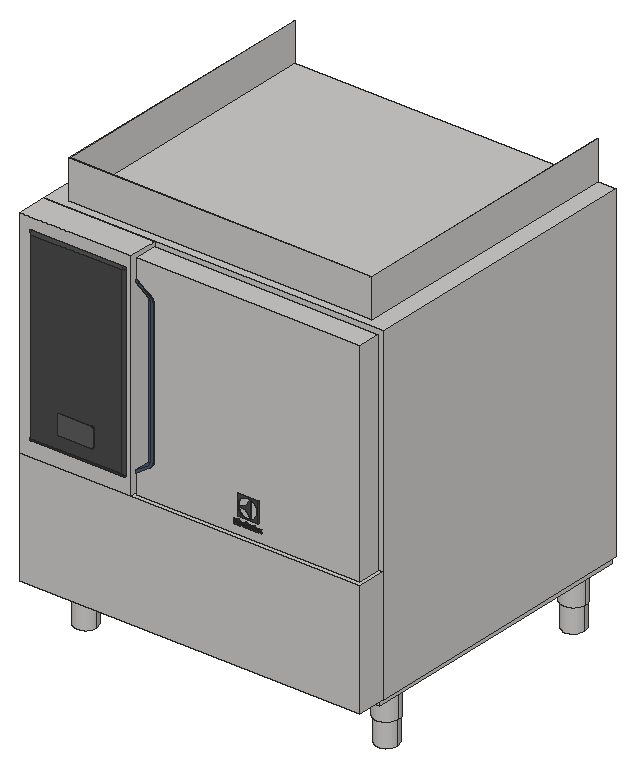
Revit family "QF_ELECTROLUXPROFESSIONAL_725538_EBFA61WE", category Specialty Equipment, Revit 2023
Family settings
  Round Connector Dimension = Use Diameter
  Part Type = Normal
  Work Plane-Based = No
  Enable Cutting in Views = No
  Always vertical = Yes
  Cut with Voids When Loaded = No
  Maintain Annotation Orientation = No
  Shared = No
  Room Calculation Point = No
Parameters
  Weight = 0.00 kg
  Watts = 0 W
  Volts = 380 V
  URL Manufacturer = "http://professional.electrolux.com"
  URL = "http://professional.electrolux.com"
  Steam Supply Size = 0 mm
  Steam Supply Minimum Pressure = 0.0 Pa
  Steam Supply Maximum Pressure = 0.0 Pa
  Steam Pounds per Hour = 0
  Show Logo [instance] = yes
  Show Clearance [instance] = yes
  Refrigeration Suction Line Size = 0 mm
  Refrigeration Liquid Line Size = 0 mm
  Refrigerant Compressor Remote = yes
  Manufacturer = "Electrolux"
  Phase = 3
  Model = "EBFA61WE"
  Length Actual = 897 mm  # constant formula
  Item Number = "725538"
  Hot Water Size = 0 mm
  Height Actual = 1020 mm  # constant formula
  HP = "3.6 HP"
  Gas Size = 0 mm
  Gas KW = 0
  Gas Input Pressure = 0 W
  Direct Waste Size = 139.7 mm
  Description = "SKYLINE CHILLS BLAST CHILLER FREEZER 30/30KG 6 GN 1/1 - FOR TOWER EXECUTION"
  Depth Actual = 937 mm  # constant formula
  Default Elevation = 0 mm
  Cycle = 50 Hz
  Condensate Return Size = 0 mm
  Compressed Air Volume = 0.0 L/s
  Compressed Air Size = 0 mm
  Compressed Air Pressure = 0.0 Pa
  Cold Water Size = 0 mm
  Accessory = yes
Reference planes
  plane 1 "Center X": y = 126.851
  plane 2: z = 0
  plane 3 "Center Y": x = -311.5
  plane 4 "LEFT": x = -760
  plane 5 "BACK": y = 548.851
  plane 6 "RIGHT": x = 137
  plane 7 "FRONT": y = -295.149
  plane 8: z = 130
  plane 9: x = -708
  plane 10: y = 473.851
  plane 11: x = 85
  plane 12: y = -142.149
  plane 13 "TOP": z = 1020.038
  plane 14: y = 641.851
  plane 15: y = -847.149
Forms (mm)
  Extrusion 1, solid, material "QF_Finishes_Stainless Steel"
    sketch origin (0, 0, 1060.038) x (-1, 0, 0) y (0, -1, 0)
      loop
        line (759, -548.851) -> (759, 216.149) -> (-136, 216.149) -> (-136, -548.851) -> (759, -548.851)
    from -40 to -910.018
  Extrusion 2, solid, material "QF_Finishes_Stainless Steel"
    sketch origin (0, -295.149, 0) x (-1, 0, 0) y (0, 0, 1)
      loop
        line (451.2, 1020.033) -> (-135.995, 1020.033) -> (-135.995, 462.497) -> (451.2, 462.497) -> (451.2, 513.683) -> (415.41, 537.406)
        arc (415.41, 537.406) -> (408.839, 544.616) -> (406.46, 554.076) r 20
        line (406.46, 554.076) -> (406.46, 928.989)
        arc (406.46, 928.989) -> (408.716, 937.969) -> (414.947, 944.816) r 19
        line (414.947, 944.816) -> (451.2, 968.898) -> (451.2, 1020.033)
    from 0 to 60
  Extrusion 3, void
    sketch origin (-759, -216.149, 1060.038) x (-1, 0, 0) y (0, 0, 1)
      loop
        line (-370.8, -100) -> (-826.8, -100) -> (-826.8, -491.98) -> (-370.8, -491.98) -> (-370.8, -100)
    from 0 to 703
  Extrusion 4, solid, material "QF_Finishes_Stainless Steel"
    sketch origin (-760, -0.954, 0) x (0, 1, 0) y (0, 0, 1)
      loop
        line (549.805, 694.306) -> (549.805, 392.314) -> (635.5, 399.789)
        arc (635.5, 399.789) -> (640.702, 402.354) -> (642.805, 407.759) r 8
        line (642.805, 407.759) -> (642.805, 433.233)
        arc (642.805, 433.233) -> (638.783, 442.547) -> (642.805, 451.86) r 12.795
        line (642.805, 451.86) -> (642.805, 483.24)
        arc (642.805, 483.24) -> (638.783, 492.554) -> (642.805, 501.867) r 12.795
        line (642.805, 501.867) -> (642.805, 533.247)
        arc (642.805, 533.247) -> (638.783, 542.56) -> (642.805, 551.874) r 12.795
        line (642.805, 551.874) -> (642.805, 583.254)
        arc (642.805, 583.254) -> (638.783, 592.567) -> (642.805, 601.881) r 12.795
        line (642.805, 601.881) -> (642.805, 634.796)
        arc (642.805, 634.796) -> (641.466, 639.795) -> (637.808, 643.455) r 10
        line (637.808, 643.455) -> (549.805, 694.306)
    from 123.244 to 306.92
  Extrusion 5, solid, material "QF_Finishes_Stainless Steel"
    sketch origin (-817.599, 548.851, 1060.038) x (1, 0, 0) y (0, 0, -1)
      loop
        circle (121.599, 802.038) r 10.5
    from 0 to 29
  Extrusion 6, solid, material "QF_Finishes_Stainless Steel"
    sketch origin (0, -235.149, 0) x (-1, 0, 0) y (0, 0, 1)
      loop
        arc (406.46, 554.076) -> (408.839, 544.616) -> (415.41, 537.406) r 20
        line (415.41, 537.406) -> (451.2, 513.683) -> (451.2, 968.898) -> (414.947, 944.816)
        arc (414.947, 944.816) -> (408.716, 937.969) -> (406.46, 928.989) r 19
        line (406.46, 928.989) -> (406.46, 554.076)
    from -21 to 0
  Extrusion 7, solid, material "QF_Finishes_Electrolux_Blue"
    sketch origin (0, -295.149, 0) x (1, 0, 0) y (0, 0, 1)
      loop
        line (-451.2, 968.898) -> (-453.7, 968.898) -> (-453.7, 962.755) -> (-418.543, 939.401)
        arc (-418.543, 939.401) -> (-414.444, 934.897) -> (-412.96, 928.989) r 12.5
        line (-412.96, 928.989) -> (-412.96, 554.076)
        arc (-412.96, 554.076) -> (-414.566, 547.691) -> (-419.001, 542.824) r 13.5
        line (-419.001, 542.824) -> (-453.7, 519.824) -> (-453.7, 513.683) -> (-451.2, 513.683) -> (-415.41, 537.406)
        arc (-415.41, 537.406) -> (-408.839, 544.616) -> (-406.46, 554.076) r 20
        line (-406.46, 554.076) -> (-406.46, 928.989)
        arc (-406.46, 928.989) -> (-408.716, 937.969) -> (-414.947, 944.816) r 19
        line (-414.947, 944.816) -> (-451.2, 968.898)
    from -39 to 1
  Extrusion 8, solid, material "QF_Finishes_Stainless Steel"
    sketch origin (0, 0, 1060.038) x (-1, 0, 0) y (0, -1, 0)
      loop
        line (759, 295.149) -> (467.2, 295.149) -> (467.2, 217.149) -> (759, 217.149) -> (759, 295.149)
    from -40 to -607
  Extrusion 9, solid, material "QF_Finishes_Stainless Steel"
    sketch origin (-1206.916, -1524, 130) x (-1, 0, 0) y (0, -1, 0)
      loop
        line (-447.916, -1228.851) -> (-1342.916, -1228.851) -> (-1342.916, -1306.851) -> (-447.916, -1306.851) -> (-447.916, -1228.851)
    from 322 to 20.02
  Extrusion 10, solid, material "QF_Finishes_Stainless Steel"
    sketch origin (0, 0, 1060.038) x (-1, 0, 0) y (0, -1, 0)
      loop
        line (748.993, -548.851) -> (748.993, 214.216) -> (-125.993, 214.216) -> (-125.993, -548.851) -> (748.993, -548.851)
    from -910.018 to -930.038
  Extrusion 11, solid, material "QF_Finishes_Stainless Steel"
    sketch origin (0, 0, 130) x (0, -1, 0) y (-1, 0, 0)
      loop
        circle (-215.851, 360) r 9.5
    from 0 to 31.68
  Extrusion 12, void
    sketch origin (0, 0, 1060.038) x (-1, 0, 0) y (0, -1, 0)
      loop
        line (627.033, -641.851) -> (636.756, -641.851) -> (636.756, -548.851) -> (635.125, -548.851) -> (627.033, -641.851)
      loop
        line (454.711, -548.851) -> (453.08, -548.851) -> (453.08, -641.851) -> (462.803, -641.851) -> (454.711, -548.851)
    from -673 to -363
  Extrusion 13, solid, material "QF_Door-Drawer Clearances", visible <- "Show Clearance", detail levels coarse
    sketch origin (143, -393.449, 0) x (0, -1, 0) y (0, 0, 1)
      loop
        line (451.2, 1020.033) -> (-98.3, 1020.033) -> (-98.3, 462.497) -> (451.2, 462.497) -> (451.2, 513.683) -> (415.41, 537.406)
        arc (415.41, 537.406) -> (408.839, 544.616) -> (406.46, 554.076) r 20
        line (406.46, 554.076) -> (406.46, 928.989)
        arc (406.46, 928.989) -> (408.716, 937.969) -> (414.947, 944.816) r 19
        line (414.947, 944.816) -> (451.2, 968.898) -> (451.2, 1020.033)
    from 0 to 60
  Extrusion 14, solid, material "QF_Door-Drawer Clearances", visible <- "Show Clearance", detail levels coarse
    sketch origin (83, -393.449, 0) x (0, -1, 0) y (0, 0, 1)
      loop
        arc (406.46, 554.076) -> (408.839, 544.616) -> (415.41, 537.406) r 20
        line (415.41, 537.406) -> (451.2, 513.683) -> (451.2, 968.898) -> (414.947, 944.816)
        arc (414.947, 944.816) -> (408.716, 937.969) -> (406.46, 928.989) r 19
        line (406.46, 928.989) -> (406.46, 554.076)
    from -21 to 0
  Extrusion 15, solid, material "QF_Door-Drawer Clearances", visible <- "Show Clearance", detail levels coarse
    sketch origin (143, -393.449, 0) x (0, 1, 0) y (0, 0, 1)
      loop
        line (-451.2, 968.898) -> (-453.7, 968.898) -> (-453.7, 962.755) -> (-418.543, 939.401)
        arc (-418.543, 939.401) -> (-414.444, 934.897) -> (-412.96, 928.989) r 12.5
        line (-412.96, 928.989) -> (-412.96, 554.076)
        arc (-412.96, 554.076) -> (-414.566, 547.691) -> (-419.001, 542.824) r 13.5
        line (-419.001, 542.824) -> (-453.7, 519.824) -> (-453.7, 513.683) -> (-451.2, 513.683) -> (-415.41, 537.406)
        arc (-415.41, 537.406) -> (-408.839, 544.616) -> (-406.46, 554.076) r 20
        line (-406.46, 554.076) -> (-406.46, 928.989)
        arc (-406.46, 928.989) -> (-408.716, 937.969) -> (-414.947, 944.816) r 19
        line (-414.947, 944.816) -> (-451.2, 968.898)
    from -39 to 1
  Extrusion 16, solid, material "QF_Door-Drawer Clearances", visible <- "Show Clearance", detail levels coarse
    sketch origin (0, 0, 1060.038) x (-1, 0, 0) y (0, -1, 0)
      loop
        line (-83, 295.149) -> (451.2, 295.149)
        arc (451.2, 295.149) -> (290.883, 673.709) -> (-83, 844.649) r 567.425
        line (-83, 844.649) -> (-83, 295.149)
    from -597.541 to -40
  Extrusion 17, solid, material "QF_Finishes_Stainless Steel"
    sketch origin (-19, -1, 0) x (1, 0, 0) y (0, 1, 0)
      loop
        line (-690, -190.149) -> (-690, 549.851) -> (-692, 549.851) -> (-692, -192.149) -> (107, -192.149) -> (107, 549.851) -> (105, 549.851) -> (105, -190.149) -> (-690, -190.149)
    from 1020.038 to 1120.038
Cuts and joins
  Extrusion 3 cuts Extrusion 1
  Extrusion 12 cuts Extrusion 4
  joined: Extrusion 1, Extrusion 4, Extrusion 5, Extrusion 10, Extrusion 11
  joined: Extrusion 2, Extrusion 6
  joined: Extrusion 13, Extrusion 14, Extrusion 15, Extrusion 16
Lines and regions (mm)
  Split face 1
    outline origin (-489, -295.149, 130) x (-1, 0, 0) y (0, 0, -1)
      loop
        line (-132.388, -290.639) -> (-22.373, -290.639) -> (-22.373, -285.612) -> (-132.388, -285.612) -> (-132.388, -290.639)
  Split face 2
    outline origin (-489, -295.149, 120.528) x (-1, 0, 0) y (0, 0, -1)
      loop
        line (-132.388, -290.639) -> (-22.373, -290.639) -> (-22.373, -285.612) -> (-132.388, -285.612) -> (-132.388, -290.639)
  Split face 3
    outline origin (-489, -295.149, 111.056) x (-1, 0, 0) y (0, 0, -1)
      loop
        line (-132.388, -290.639) -> (-22.373, -290.639) -> (-22.373, -285.612) -> (-132.388, -285.612) -> (-132.388, -290.639)
  Split face 4
    outline origin (-489, -295.149, 101.583) x (-1, 0, 0) y (0, 0, -1)
      loop
        line (-132.388, -290.639) -> (-22.373, -290.639) -> (-22.373, -285.612) -> (-132.388, -285.612) -> (-132.388, -290.639)
  Split face 5
    outline origin (-489, -295.149, 92.111) x (-1, 0, 0) y (0, 0, -1)
      loop
        line (-132.388, -290.639) -> (-22.373, -290.639) -> (-22.373, -285.612) -> (-132.388, -285.612) -> (-132.388, -290.639)
  Split face 6
    outline origin (-489, -295.149, 82.639) x (-1, 0, 0) y (0, 0, -1)
      loop
        line (-132.388, -290.639) -> (-22.373, -290.639) -> (-22.373, -285.612) -> (-132.388, -285.612) -> (-132.388, -290.639)
  Split face 7
    outline origin (-489, -295.149, 73.167) x (-1, 0, 0) y (0, 0, -1)
      loop
        line (-132.388, -290.639) -> (-22.373, -290.639) -> (-22.373, -285.612) -> (-132.388, -285.612) -> (-132.388, -290.639)
  Split face 8
    outline origin (-489, -295.149, 63.695) x (-1, 0, 0) y (0, 0, -1)
      loop
        line (-132.388, -290.639) -> (-22.373, -290.639) -> (-22.373, -285.612) -> (-132.388, -285.612) -> (-132.388, -290.639)
  Split face 9
    outline origin (-489, -295.149, 54.223) x (-1, 0, 0) y (0, 0, -1)
      loop
        line (-132.388, -290.639) -> (-22.373, -290.639) -> (-22.373, -285.612) -> (-132.388, -285.612) -> (-132.388, -290.639)
  Split face 10
    outline origin (-489, -295.149, 44.75) x (-1, 0, 0) y (0, 0, -1)
      loop
        line (-132.388, -290.639) -> (-22.373, -290.639) -> (-22.373, -285.612) -> (-132.388, -285.612) -> (-132.388, -290.639)
  Split face 11
    outline origin (-489, -295.149, 35.278) x (-1, 0, 0) y (0, 0, -1)
      loop
        line (-132.388, -290.639) -> (-22.373, -290.639) -> (-22.373, -285.612) -> (-132.388, -285.612) -> (-132.388, -290.639)
  Split face 12
    outline origin (-489, -295.149, 25.806) x (-1, 0, 0) y (0, 0, -1)
      loop
        line (-132.388, -290.639) -> (-22.373, -290.639) -> (-22.373, -285.612) -> (-132.388, -285.612) -> (-132.388, -290.639)
  Split face 13
    outline origin (-489, -295.149, 16.334) x (-1, 0, 0) y (0, 0, -1)
      loop
        line (-132.388, -290.639) -> (-22.373, -290.639) -> (-22.373, -285.612) -> (-132.388, -285.612) -> (-132.388, -290.639)
  Split face 14
    outline origin (-489, -295.149, 6.862) x (-1, 0, 0) y (0, 0, -1)
      loop
        line (-132.388, -290.639) -> (-22.373, -290.639) -> (-22.373, -285.612) -> (-132.388, -285.612) -> (-132.388, -290.639)
  Split face 15
    outline origin (-489, -295.149, -2.611) x (-1, 0, 0) y (0, 0, -1)
      loop
        line (-132.388, -290.639) -> (-22.373, -290.639) -> (-22.373, -285.612) -> (-132.388, -285.612) -> (-132.388, -290.639)
  Split face 16
    outline origin (-489, -295.149, -12.083) x (-1, 0, 0) y (0, 0, -1)
      loop
        line (-132.388, -290.639) -> (-22.373, -290.639) -> (-22.373, -285.612) -> (-132.388, -285.612) -> (-132.388, -290.639)
  Split face 17
    outline origin (-489, -295.149, -21.555) x (-1, 0, 0) y (0, 0, -1)
      loop
        line (-132.388, -290.639) -> (-22.373, -290.639) -> (-22.373, -285.612) -> (-132.388, -285.612) -> (-132.388, -290.639)
  Split face 18
    outline origin (-489, -295.149, -31.027) x (-1, 0, 0) y (0, 0, -1)
      loop
        line (-132.388, -290.639) -> (-22.373, -290.639) -> (-22.373, -285.612) -> (-132.388, -285.612) -> (-132.388, -290.639)
  Split face 19
    outline origin (-489, -295.149, -40.499) x (-1, 0, 0) y (0, 0, -1)
      loop
        line (-132.388, -290.639) -> (-22.373, -290.639) -> (-22.373, -285.612) -> (-132.388, -285.612) -> (-132.388, -290.639)
  Split face 20
    outline origin (-489, -295.149, -49.972) x (-1, 0, 0) y (0, 0, -1)
      loop
        line (-132.388, -290.639) -> (-22.373, -290.639) -> (-22.373, -285.612) -> (-132.388, -285.612) -> (-132.388, -290.639)
  Split face 21
    outline origin (-489, -295.149, -59.444) x (-1, 0, 0) y (0, 0, -1)
      loop
        line (-132.388, -290.639) -> (-22.373, -290.639) -> (-22.373, -285.612) -> (-132.388, -285.612) -> (-132.388, -290.639)
  Split face 22
    outline origin (-489, -295.149, -68.916) x (-1, 0, 0) y (0, 0, -1)
      loop
        line (-132.388, -290.639) -> (-22.373, -290.639) -> (-22.373, -285.612) -> (-132.388, -285.612) -> (-132.388, -290.639)
  Split face 23
    outline origin (-489, -295.149, -78.388) x (-1, 0, 0) y (0, 0, -1)
      loop
        line (-132.388, -290.639) -> (-22.373, -290.639) -> (-22.373, -285.612) -> (-132.388, -285.612) -> (-132.388, -290.639)
  Split face 24
    outline origin (-489, -295.149, -87.86) x (-1, 0, 0) y (0, 0, -1)
      loop
        line (-132.388, -290.639) -> (-22.373, -290.639) -> (-22.373, -285.612) -> (-132.388, -285.612) -> (-132.388, -290.639)
  Split face 25
    outline origin (-489, -295.149, -97.332) x (-1, 0, 0) y (0, 0, -1)
      loop
        line (-132.388, -290.639) -> (-22.373, -290.639) -> (-22.373, -285.612) -> (-132.388, -285.612) -> (-132.388, -290.639)
  Split face 26
    outline origin (-489, -295.149, -106.805) x (-1, 0, 0) y (0, 0, -1)
      loop
        line (-132.388, -290.639) -> (-22.373, -290.639) -> (-22.373, -285.612) -> (-132.388, -285.612) -> (-132.388, -290.639)
  Split face 27
    outline origin (-373.984, -295.149, 130) x (-1, 0, 0) y (0, 0, -1)
      loop
        line (-132.388, -290.639) -> (-22.373, -290.639) -> (-22.373, -285.612) -> (-132.388, -285.612) -> (-132.388, -290.639)
  Split face 28
    outline origin (-373.984, -295.149, 120.528) x (-1, 0, 0) y (0, 0, -1)
      loop
        line (-132.388, -290.639) -> (-22.373, -290.639) -> (-22.373, -285.612) -> (-132.388, -285.612) -> (-132.388, -290.639)
  Split face 29
    outline origin (-373.984, -295.149, 111.056) x (-1, 0, 0) y (0, 0, -1)
      loop
        line (-132.388, -290.639) -> (-22.373, -290.639) -> (-22.373, -285.612) -> (-132.388, -285.612) -> (-132.388, -290.639)
  Split face 30
    outline origin (-373.984, -295.149, 101.583) x (-1, 0, 0) y (0, 0, -1)
      loop
        line (-132.388, -290.639) -> (-22.373, -290.639) -> (-22.373, -285.612) -> (-132.388, -285.612) -> (-132.388, -290.639)
  Split face 31
    outline origin (-373.984, -295.149, 92.111) x (-1, 0, 0) y (0, 0, -1)
      loop
        line (-132.388, -290.639) -> (-22.373, -290.639) -> (-22.373, -285.612) -> (-132.388, -285.612) -> (-132.388, -290.639)
  Split face 32
    outline origin (-373.984, -295.149, 82.639) x (-1, 0, 0) y (0, 0, -1)
      loop
        line (-132.388, -290.639) -> (-22.373, -290.639) -> (-22.373, -285.612) -> (-132.388, -285.612) -> (-132.388, -290.639)
  Split face 33
    outline origin (-373.984, -295.149, 73.167) x (-1, 0, 0) y (0, 0, -1)
      loop
        line (-132.388, -290.639) -> (-22.373, -290.639) -> (-22.373, -285.612) -> (-132.388, -285.612) -> (-132.388, -290.639)
  Split face 34
    outline origin (-373.984, -295.149, 63.695) x (-1, 0, 0) y (0, 0, -1)
      loop
        line (-132.388, -290.639) -> (-22.373, -290.639) -> (-22.373, -285.612) -> (-132.388, -285.612) -> (-132.388, -290.639)
  Split face 35
    outline origin (-373.984, -295.149, 54.223) x (-1, 0, 0) y (0, 0, -1)
      loop
        line (-132.388, -290.639) -> (-22.373, -290.639) -> (-22.373, -285.612) -> (-132.388, -285.612) -> (-132.388, -290.639)
  Split face 36
    outline origin (-373.984, -295.149, 44.75) x (-1, 0, 0) y (0, 0, -1)
      loop
        line (-132.388, -290.639) -> (-22.373, -290.639) -> (-22.373, -285.612) -> (-132.388, -285.612) -> (-132.388, -290.639)
  Split face 37
    outline origin (-373.984, -295.149, 35.278) x (-1, 0, 0) y (0, 0, -1)
      loop
        line (-132.388, -290.639) -> (-22.373, -290.639) -> (-22.373, -285.612) -> (-132.388, -285.612) -> (-132.388, -290.639)
  Split face 38
    outline origin (-373.984, -295.149, 25.806) x (-1, 0, 0) y (0, 0, -1)
      loop
        line (-132.388, -290.639) -> (-22.373, -290.639) -> (-22.373, -285.612) -> (-132.388, -285.612) -> (-132.388, -290.639)
  Split face 39
    outline origin (-373.984, -295.149, 16.334) x (-1, 0, 0) y (0, 0, -1)
      loop
        line (-132.388, -290.639) -> (-22.373, -290.639) -> (-22.373, -285.612) -> (-132.388, -285.612) -> (-132.388, -290.639)
  Split face 40
    outline origin (-373.984, -295.149, 6.862) x (-1, 0, 0) y (0, 0, -1)
      loop
        line (-132.388, -290.639) -> (-22.373, -290.639) -> (-22.373, -285.612) -> (-132.388, -285.612) -> (-132.388, -290.639)
  Split face 41
    outline origin (-373.984, -295.149, -2.611) x (-1, 0, 0) y (0, 0, -1)
      loop
        line (-132.388, -290.639) -> (-22.373, -290.639) -> (-22.373, -285.612) -> (-132.388, -285.612) -> (-132.388, -290.639)
  Split face 42
    outline origin (-373.984, -295.149, -12.083) x (-1, 0, 0) y (0, 0, -1)
      loop
        line (-132.388, -290.639) -> (-22.373, -290.639) -> (-22.373, -285.612) -> (-132.388, -285.612) -> (-132.388, -290.639)
  Split face 43
    outline origin (-373.984, -295.149, -21.555) x (-1, 0, 0) y (0, 0, -1)
      loop
        line (-132.388, -290.639) -> (-22.373, -290.639) -> (-22.373, -285.612) -> (-132.388, -285.612) -> (-132.388, -290.639)
  Split face 44
    outline origin (-373.984, -295.149, -31.027) x (-1, 0, 0) y (0, 0, -1)
      loop
        line (-132.388, -290.639) -> (-22.373, -290.639) -> (-22.373, -285.612) -> (-132.388, -285.612) -> (-132.388, -290.639)
  Split face 45
    outline origin (-373.984, -295.149, -40.499) x (-1, 0, 0) y (0, 0, -1)
      loop
        line (-132.388, -290.639) -> (-22.373, -290.639) -> (-22.373, -285.612) -> (-132.388, -285.612) -> (-132.388, -290.639)
  Split face 46
    outline origin (-373.984, -295.149, -49.972) x (-1, 0, 0) y (0, 0, -1)
      loop
        line (-132.388, -290.639) -> (-22.373, -290.639) -> (-22.373, -285.612) -> (-132.388, -285.612) -> (-132.388, -290.639)
  Split face 47
    outline origin (-373.984, -295.149, -59.444) x (-1, 0, 0) y (0, 0, -1)
      loop
        line (-132.388, -290.639) -> (-22.373, -290.639) -> (-22.373, -285.612) -> (-132.388, -285.612) -> (-132.388, -290.639)
  Split face 48
    outline origin (-373.984, -295.149, -68.916) x (-1, 0, 0) y (0, 0, -1)
      loop
        line (-132.388, -290.639) -> (-22.373, -290.639) -> (-22.373, -285.612) -> (-132.388, -285.612) -> (-132.388, -290.639)
  Split face 49
    outline origin (-373.984, -295.149, -78.388) x (-1, 0, 0) y (0, 0, -1)
      loop
        line (-132.388, -290.639) -> (-22.373, -290.639) -> (-22.373, -285.612) -> (-132.388, -285.612) -> (-132.388, -290.639)
  Split face 50
    outline origin (-373.984, -295.149, -87.86) x (-1, 0, 0) y (0, 0, -1)
      loop
        line (-132.388, -290.639) -> (-22.373, -290.639) -> (-22.373, -285.612) -> (-132.388, -285.612) -> (-132.388, -290.639)
  Split face 51
    outline origin (-373.984, -295.149, -97.332) x (-1, 0, 0) y (0, 0, -1)
      loop
        line (-132.388, -290.639) -> (-22.373, -290.639) -> (-22.373, -285.612) -> (-132.388, -285.612) -> (-132.388, -290.639)
  Split face 52
    outline origin (-373.984, -295.149, -106.805) x (-1, 0, 0) y (0, 0, -1)
      loop
        line (-132.388, -290.639) -> (-22.373, -290.639) -> (-22.373, -285.612) -> (-132.388, -285.612) -> (-132.388, -290.639)
  Split face 53
    outline origin (-258.969, -295.149, 130) x (-1, 0, 0) y (0, 0, -1)
      loop
        line (-132.388, -290.639) -> (-22.373, -290.639) -> (-22.373, -285.612) -> (-132.388, -285.612) -> (-132.388, -290.639)
  Split face 54
    outline origin (-258.969, -295.149, 120.528) x (-1, 0, 0) y (0, 0, -1)
      loop
        line (-132.388, -290.639) -> (-22.373, -290.639) -> (-22.373, -285.612) -> (-132.388, -285.612) -> (-132.388, -290.639)
  Split face 55
    outline origin (-258.969, -295.149, 111.056) x (-1, 0, 0) y (0, 0, -1)
      loop
        line (-132.388, -290.639) -> (-22.373, -290.639) -> (-22.373, -285.612) -> (-132.388, -285.612) -> (-132.388, -290.639)
  Split face 56
    outline origin (-258.969, -295.149, 101.583) x (-1, 0, 0) y (0, 0, -1)
      loop
        line (-132.388, -290.639) -> (-22.373, -290.639) -> (-22.373, -285.612) -> (-132.388, -285.612) -> (-132.388, -290.639)
  Split face 57
    outline origin (-258.969, -295.149, 92.111) x (-1, 0, 0) y (0, 0, -1)
      loop
        line (-132.388, -290.639) -> (-22.373, -290.639) -> (-22.373, -285.612) -> (-132.388, -285.612) -> (-132.388, -290.639)
  Split face 58
    outline origin (-258.969, -295.149, 82.639) x (-1, 0, 0) y (0, 0, -1)
      loop
        line (-132.388, -290.639) -> (-22.373, -290.639) -> (-22.373, -285.612) -> (-132.388, -285.612) -> (-132.388, -290.639)
  Split face 59
    outline origin (-258.969, -295.149, 73.167) x (-1, 0, 0) y (0, 0, -1)
      loop
        line (-132.388, -290.639) -> (-22.373, -290.639) -> (-22.373, -285.612) -> (-132.388, -285.612) -> (-132.388, -290.639)
  Split face 60
    outline origin (-258.969, -295.149, 63.695) x (-1, 0, 0) y (0, 0, -1)
      loop
        line (-132.388, -290.639) -> (-22.373, -290.639) -> (-22.373, -285.612) -> (-132.388, -285.612) -> (-132.388, -290.639)
  Split face 61
    outline origin (-258.969, -295.149, 54.223) x (-1, 0, 0) y (0, 0, -1)
      loop
        line (-132.388, -290.639) -> (-22.373, -290.639) -> (-22.373, -285.612) -> (-132.388, -285.612) -> (-132.388, -290.639)
  Split face 62
    outline origin (-258.969, -295.149, 44.75) x (-1, 0, 0) y (0, 0, -1)
      loop
        line (-132.388, -290.639) -> (-22.373, -290.639) -> (-22.373, -285.612) -> (-132.388, -285.612) -> (-132.388, -290.639)
  Split face 63
    outline origin (-258.969, -295.149, 35.278) x (-1, 0, 0) y (0, 0, -1)
      loop
        line (-132.388, -290.639) -> (-22.373, -290.639) -> (-22.373, -285.612) -> (-132.388, -285.612) -> (-132.388, -290.639)
  Split face 64
    outline origin (-258.969, -295.149, 25.806) x (-1, 0, 0) y (0, 0, -1)
      loop
        line (-132.388, -290.639) -> (-22.373, -290.639) -> (-22.373, -285.612) -> (-132.388, -285.612) -> (-132.388, -290.639)
  Split face 65
    outline origin (-258.969, -295.149, 16.334) x (-1, 0, 0) y (0, 0, -1)
      loop
        line (-132.388, -290.639) -> (-22.373, -290.639) -> (-22.373, -285.612) -> (-132.388, -285.612) -> (-132.388, -290.639)
  Split face 66
    outline origin (-258.969, -295.149, 6.862) x (-1, 0, 0) y (0, 0, -1)
      loop
        line (-132.388, -290.639) -> (-22.373, -290.639) -> (-22.373, -285.612) -> (-132.388, -285.612) -> (-132.388, -290.639)
  Split face 67
    outline origin (-258.969, -295.149, -2.611) x (-1, 0, 0) y (0, 0, -1)
      loop
        line (-132.388, -290.639) -> (-22.373, -290.639) -> (-22.373, -285.612) -> (-132.388, -285.612) -> (-132.388, -290.639)
  Split face 68
    outline origin (-258.969, -295.149, -12.083) x (-1, 0, 0) y (0, 0, -1)
      loop
        line (-132.388, -290.639) -> (-22.373, -290.639) -> (-22.373, -285.612) -> (-132.388, -285.612) -> (-132.388, -290.639)
  Split face 69
    outline origin (-258.969, -295.149, -21.555) x (-1, 0, 0) y (0, 0, -1)
      loop
        line (-132.388, -290.639) -> (-22.373, -290.639) -> (-22.373, -285.612) -> (-132.388, -285.612) -> (-132.388, -290.639)
  Split face 70
    outline origin (-258.969, -295.149, -31.027) x (-1, 0, 0) y (0, 0, -1)
      loop
        line (-132.388, -290.639) -> (-22.373, -290.639) -> (-22.373, -285.612) -> (-132.388, -285.612) -> (-132.388, -290.639)
  Split face 71
    outline origin (-258.969, -295.149, -40.499) x (-1, 0, 0) y (0, 0, -1)
      loop
        line (-132.388, -290.639) -> (-22.373, -290.639) -> (-22.373, -285.612) -> (-132.388, -285.612) -> (-132.388, -290.639)
  Split face 72
    outline origin (-258.969, -295.149, -49.972) x (-1, 0, 0) y (0, 0, -1)
      loop
        line (-132.388, -290.639) -> (-22.373, -290.639) -> (-22.373, -285.612) -> (-132.388, -285.612) -> (-132.388, -290.639)
  Split face 73
    outline origin (-258.969, -295.149, -59.444) x (-1, 0, 0) y (0, 0, -1)
      loop
        line (-132.388, -290.639) -> (-22.373, -290.639) -> (-22.373, -285.612) -> (-132.388, -285.612) -> (-132.388, -290.639)
  Split face 74
    outline origin (-258.969, -295.149, -68.916) x (-1, 0, 0) y (0, 0, -1)
      loop
        line (-132.388, -290.639) -> (-22.373, -290.639) -> (-22.373, -285.612) -> (-132.388, -285.612) -> (-132.388, -290.639)
  Split face 75
    outline origin (-258.969, -295.149, -78.388) x (-1, 0, 0) y (0, 0, -1)
      loop
        line (-132.388, -290.639) -> (-22.373, -290.639) -> (-22.373, -285.612) -> (-132.388, -285.612) -> (-132.388, -290.639)
  Split face 76
    outline origin (-258.969, -295.149, -87.86) x (-1, 0, 0) y (0, 0, -1)
      loop
        line (-132.388, -290.639) -> (-22.373, -290.639) -> (-22.373, -285.612) -> (-132.388, -285.612) -> (-132.388, -290.639)
  Split face 77
    outline origin (-258.969, -295.149, -97.332) x (-1, 0, 0) y (0, 0, -1)
      loop
        line (-132.388, -290.639) -> (-22.373, -290.639) -> (-22.373, -285.612) -> (-132.388, -285.612) -> (-132.388, -290.639)
  Split face 78
    outline origin (-258.969, -295.149, -106.805) x (-1, 0, 0) y (0, 0, -1)
      loop
        line (-132.388, -290.639) -> (-22.373, -290.639) -> (-22.373, -285.612) -> (-132.388, -285.612) -> (-132.388, -290.639)
  Split face 79
    outline origin (-143.953, -295.149, 130) x (-1, 0, 0) y (0, 0, -1)
      loop
        line (-132.388, -290.639) -> (-22.373, -290.639) -> (-22.373, -285.612) -> (-132.388, -285.612) -> (-132.388, -290.639)
  Split face 80
    outline origin (-143.953, -295.149, 120.528) x (-1, 0, 0) y (0, 0, -1)
      loop
        line (-132.388, -290.639) -> (-22.373, -290.639) -> (-22.373, -285.612) -> (-132.388, -285.612) -> (-132.388, -290.639)
  Split face 81
    outline origin (-143.953, -295.149, 111.056) x (-1, 0, 0) y (0, 0, -1)
      loop
        line (-132.388, -290.639) -> (-22.373, -290.639) -> (-22.373, -285.612) -> (-132.388, -285.612) -> (-132.388, -290.639)
  Split face 82
    outline origin (-143.953, -295.149, 101.583) x (-1, 0, 0) y (0, 0, -1)
      loop
        line (-132.388, -290.639) -> (-22.373, -290.639) -> (-22.373, -285.612) -> (-132.388, -285.612) -> (-132.388, -290.639)
  Split face 83
    outline origin (-143.953, -295.149, 92.111) x (-1, 0, 0) y (0, 0, -1)
      loop
        line (-132.388, -290.639) -> (-22.373, -290.639) -> (-22.373, -285.612) -> (-132.388, -285.612) -> (-132.388, -290.639)
  Split face 84
    outline origin (-143.953, -295.149, 82.639) x (-1, 0, 0) y (0, 0, -1)
      loop
        line (-132.388, -290.639) -> (-22.373, -290.639) -> (-22.373, -285.612) -> (-132.388, -285.612) -> (-132.388, -290.639)
  Split face 85
    outline origin (-143.953, -295.149, 73.167) x (-1, 0, 0) y (0, 0, -1)
      loop
        line (-132.388, -290.639) -> (-22.373, -290.639) -> (-22.373, -285.612) -> (-132.388, -285.612) -> (-132.388, -290.639)
  Split face 86
    outline origin (-143.953, -295.149, 63.695) x (-1, 0, 0) y (0, 0, -1)
      loop
        line (-132.388, -290.639) -> (-22.373, -290.639) -> (-22.373, -285.612) -> (-132.388, -285.612) -> (-132.388, -290.639)
  Split face 87
    outline origin (-143.953, -295.149, 54.223) x (-1, 0, 0) y (0, 0, -1)
      loop
        line (-132.388, -290.639) -> (-22.373, -290.639) -> (-22.373, -285.612) -> (-132.388, -285.612) -> (-132.388, -290.639)
  Split face 88
    outline origin (-143.953, -295.149, 44.75) x (-1, 0, 0) y (0, 0, -1)
      loop
        line (-132.388, -290.639) -> (-22.373, -290.639) -> (-22.373, -285.612) -> (-132.388, -285.612) -> (-132.388, -290.639)
  Split face 89
    outline origin (-143.953, -295.149, 35.278) x (-1, 0, 0) y (0, 0, -1)
      loop
        line (-132.388, -290.639) -> (-22.373, -290.639) -> (-22.373, -285.612) -> (-132.388, -285.612) -> (-132.388, -290.639)
  Split face 90
    outline origin (-143.953, -295.149, 25.806) x (-1, 0, 0) y (0, 0, -1)
      loop
        line (-132.388, -290.639) -> (-22.373, -290.639) -> (-22.373, -285.612) -> (-132.388, -285.612) -> (-132.388, -290.639)
  Split face 91
    outline origin (-143.953, -295.149, 16.334) x (-1, 0, 0) y (0, 0, -1)
      loop
        line (-132.388, -290.639) -> (-22.373, -290.639) -> (-22.373, -285.612) -> (-132.388, -285.612) -> (-132.388, -290.639)
  Split face 92
    outline origin (-143.953, -295.149, 6.862) x (-1, 0, 0) y (0, 0, -1)
      loop
        line (-132.388, -290.639) -> (-22.373, -290.639) -> (-22.373, -285.612) -> (-132.388, -285.612) -> (-132.388, -290.639)
  Split face 93
    outline origin (-143.953, -295.149, -2.611) x (-1, 0, 0) y (0, 0, -1)
      loop
        line (-132.388, -290.639) -> (-22.373, -290.639) -> (-22.373, -285.612) -> (-132.388, -285.612) -> (-132.388, -290.639)
  Split face 94
    outline origin (-143.953, -295.149, -12.083) x (-1, 0, 0) y (0, 0, -1)
      loop
        line (-132.388, -290.639) -> (-22.373, -290.639) -> (-22.373, -285.612) -> (-132.388, -285.612) -> (-132.388, -290.639)
  Split face 95
    outline origin (-143.953, -295.149, -21.555) x (-1, 0, 0) y (0, 0, -1)
      loop
        line (-132.388, -290.639) -> (-22.373, -290.639) -> (-22.373, -285.612) -> (-132.388, -285.612) -> (-132.388, -290.639)
  Split face 96
    outline origin (-143.953, -295.149, -31.027) x (-1, 0, 0) y (0, 0, -1)
      loop
        line (-132.388, -290.639) -> (-22.373, -290.639) -> (-22.373, -285.612) -> (-132.388, -285.612) -> (-132.388, -290.639)
  Split face 97
    outline origin (-143.953, -295.149, -40.499) x (-1, 0, 0) y (0, 0, -1)
      loop
        line (-132.388, -290.639) -> (-22.373, -290.639) -> (-22.373, -285.612) -> (-132.388, -285.612) -> (-132.388, -290.639)
  Split face 98
    outline origin (-143.953, -295.149, -49.972) x (-1, 0, 0) y (0, 0, -1)
      loop
        line (-132.388, -290.639) -> (-22.373, -290.639) -> (-22.373, -285.612) -> (-132.388, -285.612) -> (-132.388, -290.639)
  Split face 99
    outline origin (-143.953, -295.149, -59.444) x (-1, 0, 0) y (0, 0, -1)
      loop
        line (-132.388, -290.639) -> (-22.373, -290.639) -> (-22.373, -285.612) -> (-132.388, -285.612) -> (-132.388, -290.639)
  Split face 100
    outline origin (-143.953, -295.149, -68.916) x (-1, 0, 0) y (0, 0, -1)
      loop
        line (-132.388, -290.639) -> (-22.373, -290.639) -> (-22.373, -285.612) -> (-132.388, -285.612) -> (-132.388, -290.639)
  Split face 101
    outline origin (-143.953, -295.149, -78.388) x (-1, 0, 0) y (0, 0, -1)
      loop
        line (-132.388, -290.639) -> (-22.373, -290.639) -> (-22.373, -285.612) -> (-132.388, -285.612) -> (-132.388, -290.639)
  Split face 102
    outline origin (-143.953, -295.149, -87.86) x (-1, 0, 0) y (0, 0, -1)
      loop
        line (-132.388, -290.639) -> (-22.373, -290.639) -> (-22.373, -285.612) -> (-132.388, -285.612) -> (-132.388, -290.639)
  Split face 103
    outline origin (-143.953, -295.149, -97.332) x (-1, 0, 0) y (0, 0, -1)
      loop
        line (-132.388, -290.639) -> (-22.373, -290.639) -> (-22.373, -285.612) -> (-132.388, -285.612) -> (-132.388, -290.639)
  Split face 104
    outline origin (-143.953, -295.149, -106.805) x (-1, 0, 0) y (0, 0, -1)
      loop
        line (-132.388, -290.639) -> (-22.373, -290.639) -> (-22.373, -285.612) -> (-132.388, -285.612) -> (-132.388, -290.639)
  Split face 105
    outline origin (-28.938, -295.149, 130) x (-1, 0, 0) y (0, 0, -1)
      loop
        line (-132.388, -290.639) -> (-22.373, -290.639) -> (-22.373, -285.612) -> (-132.388, -285.612) -> (-132.388, -290.639)
  Split face 106
    outline origin (-28.938, -295.149, 120.528) x (-1, 0, 0) y (0, 0, -1)
      loop
        line (-132.388, -290.639) -> (-22.373, -290.639) -> (-22.373, -285.612) -> (-132.388, -285.612) -> (-132.388, -290.639)
  Split face 107
    outline origin (-28.938, -295.149, 111.056) x (-1, 0, 0) y (0, 0, -1)
      loop
        line (-132.388, -290.639) -> (-22.373, -290.639) -> (-22.373, -285.612) -> (-132.388, -285.612) -> (-132.388, -290.639)
  Split face 108
    outline origin (-28.938, -295.149, 101.583) x (-1, 0, 0) y (0, 0, -1)
      loop
        line (-132.388, -290.639) -> (-22.373, -290.639) -> (-22.373, -285.612) -> (-132.388, -285.612) -> (-132.388, -290.639)
  Split face 109
    outline origin (-28.938, -295.149, 92.111) x (-1, 0, 0) y (0, 0, -1)
      loop
        line (-132.388, -290.639) -> (-22.373, -290.639) -> (-22.373, -285.612) -> (-132.388, -285.612) -> (-132.388, -290.639)
  Split face 110
    outline origin (-28.938, -295.149, 82.639) x (-1, 0, 0) y (0, 0, -1)
      loop
        line (-132.388, -290.639) -> (-22.373, -290.639) -> (-22.373, -285.612) -> (-132.388, -285.612) -> (-132.388, -290.639)
  Split face 111
    outline origin (-28.938, -295.149, 73.167) x (-1, 0, 0) y (0, 0, -1)
      loop
        line (-132.388, -290.639) -> (-22.373, -290.639) -> (-22.373, -285.612) -> (-132.388, -285.612) -> (-132.388, -290.639)
  Split face 112
    outline origin (-28.938, -295.149, 63.695) x (-1, 0, 0) y (0, 0, -1)
      loop
        line (-132.388, -290.639) -> (-22.373, -290.639) -> (-22.373, -285.612) -> (-132.388, -285.612) -> (-132.388, -290.639)
  Split face 113
    outline origin (-28.938, -295.149, 54.223) x (-1, 0, 0) y (0, 0, -1)
      loop
        line (-132.388, -290.639) -> (-22.373, -290.639) -> (-22.373, -285.612) -> (-132.388, -285.612) -> (-132.388, -290.639)
  Split face 114
    outline origin (-28.938, -295.149, 44.75) x (-1, 0, 0) y (0, 0, -1)
      loop
        line (-132.388, -290.639) -> (-22.373, -290.639) -> (-22.373, -285.612) -> (-132.388, -285.612) -> (-132.388, -290.639)
  Split face 115
    outline origin (-28.938, -295.149, 35.278) x (-1, 0, 0) y (0, 0, -1)
      loop
        line (-132.388, -290.639) -> (-22.373, -290.639) -> (-22.373, -285.612) -> (-132.388, -285.612) -> (-132.388, -290.639)
  Split face 116
    outline origin (-28.938, -295.149, 25.806) x (-1, 0, 0) y (0, 0, -1)
      loop
        line (-132.388, -290.639) -> (-22.373, -290.639) -> (-22.373, -285.612) -> (-132.388, -285.612) -> (-132.388, -290.639)
  Split face 117
    outline origin (-28.938, -295.149, 16.334) x (-1, 0, 0) y (0, 0, -1)
      loop
        line (-132.388, -290.639) -> (-22.373, -290.639) -> (-22.373, -285.612) -> (-132.388, -285.612) -> (-132.388, -290.639)
  Split face 118
    outline origin (-28.938, -295.149, 6.862) x (-1, 0, 0) y (0, 0, -1)
      loop
        line (-132.388, -290.639) -> (-22.373, -290.639) -> (-22.373, -285.612) -> (-132.388, -285.612) -> (-132.388, -290.639)
  Split face 119
    outline origin (-28.938, -295.149, -2.611) x (-1, 0, 0) y (0, 0, -1)
      loop
        line (-132.388, -290.639) -> (-22.373, -290.639) -> (-22.373, -285.612) -> (-132.388, -285.612) -> (-132.388, -290.639)
  Split face 120
    outline origin (-28.938, -295.149, -12.083) x (-1, 0, 0) y (0, 0, -1)
      loop
        line (-132.388, -290.639) -> (-22.373, -290.639) -> (-22.373, -285.612) -> (-132.388, -285.612) -> (-132.388, -290.639)
  Split face 121
    outline origin (-28.938, -295.149, -21.555) x (-1, 0, 0) y (0, 0, -1)
      loop
        line (-132.388, -290.639) -> (-22.373, -290.639) -> (-22.373, -285.612) -> (-132.388, -285.612) -> (-132.388, -290.639)
  Split face 122
    outline origin (-28.938, -295.149, -31.027) x (-1, 0, 0) y (0, 0, -1)
      loop
        line (-132.388, -290.639) -> (-22.373, -290.639) -> (-22.373, -285.612) -> (-132.388, -285.612) -> (-132.388, -290.639)
  Split face 123
    outline origin (-28.938, -295.149, -40.499) x (-1, 0, 0) y (0, 0, -1)
      loop
        line (-132.388, -290.639) -> (-22.373, -290.639) -> (-22.373, -285.612) -> (-132.388, -285.612) -> (-132.388, -290.639)
  Split face 124
    outline origin (-28.938, -295.149, -49.972) x (-1, 0, 0) y (0, 0, -1)
      loop
        line (-132.388, -290.639) -> (-22.373, -290.639) -> (-22.373, -285.612) -> (-132.388, -285.612) -> (-132.388, -290.639)
  Split face 125
    outline origin (-28.938, -295.149, -59.444) x (-1, 0, 0) y (0, 0, -1)
      loop
        line (-132.388, -290.639) -> (-22.373, -290.639) -> (-22.373, -285.612) -> (-132.388, -285.612) -> (-132.388, -290.639)
  Split face 126
    outline origin (-28.938, -295.149, -68.916) x (-1, 0, 0) y (0, 0, -1)
      loop
        line (-132.388, -290.639) -> (-22.373, -290.639) -> (-22.373, -285.612) -> (-132.388, -285.612) -> (-132.388, -290.639)
  Split face 127
    outline origin (-28.938, -295.149, -78.388) x (-1, 0, 0) y (0, 0, -1)
      loop
        line (-132.388, -290.639) -> (-22.373, -290.639) -> (-22.373, -285.612) -> (-132.388, -285.612) -> (-132.388, -290.639)
  Split face 128
    outline origin (-28.938, -295.149, -87.86) x (-1, 0, 0) y (0, 0, -1)
      loop
        line (-132.388, -290.639) -> (-22.373, -290.639) -> (-22.373, -285.612) -> (-132.388, -285.612) -> (-132.388, -290.639)
  Split face 129
    outline origin (-28.938, -295.149, -97.332) x (-1, 0, 0) y (0, 0, -1)
      loop
        line (-132.388, -290.639) -> (-22.373, -290.639) -> (-22.373, -285.612) -> (-132.388, -285.612) -> (-132.388, -290.639)
  Split face 130
    outline origin (-28.938, -295.149, -106.805) x (-1, 0, 0) y (0, 0, -1)
      loop
        line (-132.388, -290.639) -> (-22.373, -290.639) -> (-22.373, -285.612) -> (-132.388, -285.612) -> (-132.388, -290.639)
  symbolic lines
    curve 1: line (-760, 548.851, 1060.038) -> (137, 548.851, 1060.038)
    curve 2: line (-760, -295.149, 1060.038) -> (-760, 548.851, 1060.038)
    curve 3: line (137, -295.149, 1060.038) -> (-760, -295.149, 1060.038)
    curve 4: line (137, 548.851, 1060.038) -> (137, -295.149, 1060.038)
    curve 5: line (-725.5, -300.149, 1060.038) -> (-487.5, -300.149, 1060.038)
    curve 6: line (-487.5, -300.149, 1060.038) -> (-479.5, -295.149, 1060.038)
    curve 7: line (-725.5, -300.149, 1060.038) -> (-733.5, -295.149, 1060.038)
    curve 8: line (-635.125, 548.851, 1060.038) -> (-627.033, 641.851, 1060.038)
    curve 9: line (-627.033, 641.851, 1060.038) -> (-462.803, 641.851, 1060.038)
    curve 10: line (-462.803, 641.851, 1060.038) -> (-454.711, 548.851, 1060.038)
    curve 11: line (-706.5, 577.851, 1060.038) -> (-685.5, 577.851, 1060.038)
    curve 12: line (-685.5, 577.851, 1060.038) -> (-685.5, 548.851, 1060.038)
    curve 13: line (-706.5, 577.851, 1060.038) -> (-706.5, 548.851, 1060.038)
  symbolic lines, style "QF_Door-Drawer Clearances", visible <- "Show Clearance"
    curve 14: arc (-451.2, -295.149, 1060.038) -> (-290.883, -673.709, 1060.038) -> (83, -844.649, 1060.038) r 567.425
    curve 15: line (143, -844.649, 1060.038) -> (143, -295.149, 1060.038)
    curve 16: line (83, -844.649, 1060.038) -> (143, -844.649, 1060.038)
    curve 17: line (83, -844.649, 1060.038) -> (83, -295.149, 1060.038)
Dimensions and locks
  equal spacing: plane 4 "LEFT", plane 3 "Center Y", plane 6 "RIGHT"
  plane 4 "LEFT" to plane 6 "RIGHT" = 897 mm
  plane 5 "BACK" to plane 7 "FRONT" = 844 mm
  equal spacing: plane 5 "BACK", plane 1 "Center X", plane 7 "FRONT"
  cut or joined group of Extrusion 1, Extrusion 3, Extrusion 4, Extrusion 5, Extrusion 10, Extrusion 11, Extrusion 12 to Extrusion 5 sketch curve = 63 mm
  level to Extrusion 5 sketch curve = 258 mm
  plane 5 "BACK" to Extrusion 11 sketch curve = 333 mm
  plane 4 "LEFT" to Extrusion 11 sketch curve = 400 mm
  Extrusion 5 sketch curve to plane 4 "LEFT" = 64 mm
  aligned and locked: level to plane 2
  aligned and locked: plane 11 to nested 3
  aligned and locked: plane 11 to nested 2
  aligned and locked: plane 9 to nested 1
  aligned and locked: plane 9 to nested 4
  aligned and locked: Extrusion 6 to Extrusion 7
  aligned and locked: nested 4 to plane 10
  aligned and locked: nested 3 to plane 10
  aligned and locked: nested 1 to plane 12
  aligned and locked: nested 2 to plane 12
  aligned and locked: Extrusion 14 to Extrusion 15
Automatic sketch dimensions
  Extrusion 1 sketch curve to plane 5 "BACK" = 0 mm
  Extrusion 1 sketch curve to plane 6 "RIGHT" = 1 mm
  plane 4 "LEFT" to Extrusion 1 sketch curve = 1 mm
  Extrusion 1 sketch curve to plane 12 = 74 mm
  Extrusion 2 sketch curve to plane 13 "TOP" = 0.005 mm
  Extrusion 2 sketch curve to plane 6 "RIGHT" = 1.005 mm
  Extrusion 2 sketch curve to plane 3 "Center Y" = 94.96 mm
  Extrusion 2 sketch curve to plane 13 "TOP" = 75.222 mm
  Extrusion 2 sketch curve to Extrusion 2 sketch curve = 8.487 mm
  Extrusion 2 sketch curve to Extrusion 2 sketch curve = 8.95 mm
  Extrusion 2 sketch curve to Extrusion 2 sketch curve = 19 mm
  Extrusion 2 sketch curve to Extrusion 2 sketch curve = 20 mm
  Extrusion 2 sketch curve to Extrusion 2 sketch curve = 35.79 mm
  Extrusion 2 sketch curve to plane 13 "TOP" = 51.14 mm
  Extrusion 2 sketch curve to Extrusion 2 sketch curve = 36.253 mm
  Extrusion 2 sketch curve to Extrusion 2 sketch curve = 374.913 mm
  Extrusion 2 sketch curve to Extrusion 2 sketch curve = 23.723 mm
  plane 8 to Extrusion 2 sketch curve = 332.497 mm
  Extrusion 1 to Extrusion 3 sketch curve = 68.2 mm
  Extrusion 3 sketch curve to Extrusion 1 = 370.8 mm
  Extrusion 3 sketch curve to Extrusion 1 = 418.038 mm
  Extrusion 3 sketch curve to Extrusion 1 = 60 mm
  Extrusion 4 sketch curve to plane 5 "BACK" = 0 mm
  Extrusion 4 sketch curve to plane 14 = 0 mm  (x5)
  Extrusion 4 sketch curve to Extrusion 4 sketch curve = 10 mm
  Extrusion 4 sketch curve to Extrusion 4 sketch curve = 8 mm
  Extrusion 4 sketch curve to plane 14 = 7.305 mm
  Extrusion 4 sketch curve to plane 14 = 4.997 mm
  plane 14 to Extrusion 4 sketch curve = 8.773 mm  (x4)
  plane 8 to Extrusion 4 sketch curve = 262.314 mm
  Extrusion 4 sketch curve to Extrusion 4 sketch curve = 7.476 mm
  Extrusion 4 sketch curve to Extrusion 4 sketch curve = 25.474 mm
  Extrusion 4 sketch curve to Extrusion 4 sketch curve = 9.313 mm  (x4)
  Extrusion 4 sketch curve to Extrusion 4 sketch curve = 31.38 mm  (x3)
  Extrusion 4 sketch curve to Extrusion 4 sketch curve = 32.916 mm
  Extrusion 4 sketch curve to Extrusion 4 sketch curve = 50.851 mm
  Extrusion 2 to Extrusion 6 sketch curve = 0 mm  (x6)
  Extrusion 6 sketch curve to Extrusion 2 = 0 mm  (x2)
  Extrusion 2 to Extrusion 6 sketch curve = 8.487 mm
  Extrusion 2 to Extrusion 6 sketch curve = 8.95 mm
  Extrusion 6 sketch curve to Extrusion 6 sketch curve = 11.05 mm
  Extrusion 7 sketch curve to Extrusion 7 sketch curve = 0 mm  (x2)
  Extrusion 2 to Extrusion 7 sketch curve = 0 mm  (x3)
  Extrusion 7 sketch curve to Extrusion 2 = 0 mm  (x2)
  Extrusion 2 to Extrusion 7 sketch curve = 2.5 mm
  Extrusion 7 sketch curve to Extrusion 7 sketch curve = 2.5 mm
  Extrusion 7 sketch curve to Extrusion 7 sketch curve = 13.5 mm
  Extrusion 2 to Extrusion 7 sketch curve = 12.541 mm
  Extrusion 7 sketch curve to Extrusion 7 sketch curve = 5.583 mm
  Extrusion 7 sketch curve to Extrusion 7 sketch curve = 3.591 mm
  Extrusion 7 sketch curve to Extrusion 7 sketch curve = 3.597 mm
  Extrusion 7 sketch curve to Extrusion 7 sketch curve = 6.141 mm
  Extrusion 7 sketch curve to Extrusion 7 sketch curve = 6.143 mm
  Extrusion 8 sketch curve to plane 7 "FRONT" = 0 mm
  Extrusion 8 sketch curve to plane 12 = 75 mm
  Extrusion 8 sketch curve to plane 3 "Center Y" = 155.7 mm
  plane 4 "LEFT" to Extrusion 8 sketch curve = 1 mm
  Extrusion 9 sketch curve to plane 7 "FRONT" = 0 mm
  Extrusion 9 sketch curve to plane 6 "RIGHT" = 1 mm
  plane 4 "LEFT" to Extrusion 9 sketch curve = 1 mm
  Extrusion 9 sketch curve to plane 12 = 75 mm
  Extrusion 10 sketch curve to plane 5 "BACK" = 0 mm
  Extrusion 10 sketch curve to plane 6 "RIGHT" = 11.007 mm
  plane 4 "LEFT" to Extrusion 10 sketch curve = 11.007 mm
  Extrusion 10 sketch curve to plane 12 = 72.066 mm
  Split face 1 sketch curve to Extrusion 9 = 31.361 mm
  Split face 1 sketch curve to Extrusion 9 = 402.388 mm
  Split face 1 sketch curve to Extrusion 9 = 36.388 mm
  Split face 1 sketch curve to Split face 1 sketch curve = 110.015 mm
  Split face 2 sketch curve to Extrusion 9 = 40.833 mm
  Split face 2 sketch curve to Extrusion 9 = 402.388 mm
  Split face 2 sketch curve to Extrusion 9 = 45.86 mm
  Split face 2 sketch curve to Split face 2 sketch curve = 110.015 mm
  Split face 3 sketch curve to Extrusion 9 = 50.305 mm
  Split face 3 sketch curve to Extrusion 9 = 402.388 mm
  Split face 3 sketch curve to Split face 3 sketch curve = 110.015 mm
  Split face 3 sketch curve to Split face 3 sketch curve = 5.027 mm
  Split face 4 sketch curve to Extrusion 9 = 59.777 mm
  Split face 4 sketch curve to Extrusion 9 = 402.388 mm
  Split face 4 sketch curve to Split face 4 sketch curve = 110.015 mm
  Split face 4 sketch curve to Split face 4 sketch curve = 5.027 mm
  Split face 5 sketch curve to Extrusion 9 = 69.25 mm
  Split face 5 sketch curve to Extrusion 9 = 402.388 mm
  Split face 5 sketch curve to Split face 5 sketch curve = 110.015 mm
  Split face 5 sketch curve to Split face 5 sketch curve = 5.027 mm
  Split face 6 sketch curve to Extrusion 9 = 78.722 mm
  Split face 6 sketch curve to Extrusion 9 = 402.388 mm
  Split face 6 sketch curve to Split face 6 sketch curve = 110.015 mm
  Split face 6 sketch curve to Split face 6 sketch curve = 5.027 mm
  Split face 7 sketch curve to Extrusion 9 = 88.194 mm
  Split face 7 sketch curve to Extrusion 9 = 402.388 mm
  Split face 7 sketch curve to Split face 7 sketch curve = 110.015 mm
  Split face 7 sketch curve to Split face 7 sketch curve = 5.027 mm
  Split face 8 sketch curve to Extrusion 9 = 97.666 mm
  Split face 8 sketch curve to Extrusion 9 = 402.388 mm
  Split face 8 sketch curve to Split face 8 sketch curve = 110.015 mm
  Split face 8 sketch curve to Split face 8 sketch curve = 5.027 mm
  Split face 9 sketch curve to Extrusion 9 = 107.138 mm
  Split face 9 sketch curve to Extrusion 9 = 402.388 mm
  Split face 9 sketch curve to Split face 9 sketch curve = 110.015 mm
  Split face 9 sketch curve to Split face 9 sketch curve = 5.027 mm
  Split face 10 sketch curve to Extrusion 9 = 116.611 mm
  Split face 10 sketch curve to Extrusion 9 = 402.388 mm
  Split face 10 sketch curve to Split face 10 sketch curve = 110.015 mm
  Split face 10 sketch curve to Split face 10 sketch curve = 5.027 mm
  Split face 11 sketch curve to Extrusion 9 = 126.083 mm
  Split face 11 sketch curve to Extrusion 9 = 402.388 mm
  Split face 11 sketch curve to Split face 11 sketch curve = 110.015 mm
  Split face 11 sketch curve to Split face 11 sketch curve = 5.027 mm
  Split face 12 sketch curve to Extrusion 9 = 135.555 mm
  Split face 12 sketch curve to Extrusion 9 = 402.388 mm
  Split face 12 sketch curve to Split face 12 sketch curve = 110.015 mm
  Split face 12 sketch curve to Split face 12 sketch curve = 5.027 mm
  Split face 13 sketch curve to Extrusion 9 = 145.027 mm
  Split face 13 sketch curve to Extrusion 9 = 402.388 mm
  Split face 13 sketch curve to Split face 13 sketch curve = 110.015 mm
  Split face 13 sketch curve to Split face 13 sketch curve = 5.027 mm
  Split face 14 sketch curve to Extrusion 9 = 147.48 mm
  Split face 14 sketch curve to Extrusion 9 = 402.388 mm
  Split face 14 sketch curve to Split face 14 sketch curve = 110.015 mm
  Split face 14 sketch curve to Split face 14 sketch curve = 5.027 mm
  Split face 15 sketch curve to Extrusion 9 = 138.008 mm
  Split face 15 sketch curve to Extrusion 9 = 402.388 mm
  Split face 15 sketch curve to Split face 15 sketch curve = 110.015 mm
  Split face 15 sketch curve to Split face 15 sketch curve = 5.027 mm
  Split face 16 sketch curve to Extrusion 9 = 128.536 mm
  Split face 16 sketch curve to Extrusion 9 = 402.388 mm
  Split face 16 sketch curve to Split face 16 sketch curve = 110.015 mm
  Split face 16 sketch curve to Split face 16 sketch curve = 5.027 mm
  Split face 17 sketch curve to Extrusion 9 = 119.064 mm
  Split face 17 sketch curve to Extrusion 9 = 402.388 mm
  Split face 17 sketch curve to Split face 17 sketch curve = 110.015 mm
  Split face 17 sketch curve to Split face 17 sketch curve = 5.027 mm
  Split face 18 sketch curve to Extrusion 9 = 109.592 mm
  Split face 18 sketch curve to Extrusion 9 = 402.388 mm
  Split face 18 sketch curve to Split face 18 sketch curve = 110.015 mm
  Split face 18 sketch curve to Split face 18 sketch curve = 5.027 mm
  Split face 19 sketch curve to Extrusion 9 = 100.119 mm
  Split face 19 sketch curve to Extrusion 9 = 402.388 mm
  Split face 19 sketch curve to Split face 19 sketch curve = 110.015 mm
  Split face 19 sketch curve to Split face 19 sketch curve = 5.027 mm
  Split face 20 sketch curve to Extrusion 9 = 90.647 mm
  Split face 20 sketch curve to Extrusion 9 = 402.388 mm
  Split face 20 sketch curve to Split face 20 sketch curve = 110.015 mm
  Split face 20 sketch curve to Split face 20 sketch curve = 5.027 mm
  Split face 21 sketch curve to Extrusion 9 = 81.175 mm
  Split face 21 sketch curve to Extrusion 9 = 402.388 mm
  Split face 21 sketch curve to Split face 21 sketch curve = 110.015 mm
  Split face 21 sketch curve to Split face 21 sketch curve = 5.027 mm
  Split face 22 sketch curve to Extrusion 9 = 71.703 mm
  Split face 22 sketch curve to Extrusion 9 = 402.388 mm
  Split face 22 sketch curve to Split face 22 sketch curve = 110.015 mm
  Split face 22 sketch curve to Split face 22 sketch curve = 5.027 mm
  Split face 23 sketch curve to Extrusion 9 = 62.231 mm
  Split face 23 sketch curve to Extrusion 9 = 402.388 mm
  Split face 23 sketch curve to Split face 23 sketch curve = 110.015 mm
  Split face 23 sketch curve to Split face 23 sketch curve = 5.027 mm
  Split face 24 sketch curve to Extrusion 9 = 52.758 mm
  Split face 24 sketch curve to Extrusion 9 = 402.388 mm
  Split face 24 sketch curve to Extrusion 9 = 47.731 mm
  Split face 24 sketch curve to Split face 24 sketch curve = 110.015 mm
  Split face 25 sketch curve to Extrusion 9 = 43.286 mm
  Split face 25 sketch curve to Extrusion 9 = 402.388 mm
  Split face 25 sketch curve to Extrusion 9 = 38.259 mm
  Split face 25 sketch curve to Split face 25 sketch curve = 110.015 mm
  Split face 26 sketch curve to Extrusion 9 = 33.814 mm
  Split face 26 sketch curve to Extrusion 9 = 402.388 mm
  Split face 26 sketch curve to Extrusion 9 = 28.787 mm
  Split face 26 sketch curve to Split face 26 sketch curve = 110.015 mm
  Split face 27 sketch curve to Extrusion 9 = 31.361 mm
  Split face 27 sketch curve to Extrusion 9 = 377.596 mm
  Split face 27 sketch curve to Extrusion 9 = 36.388 mm
  Split face 27 sketch curve to Split face 27 sketch curve = 110.015 mm
  Split face 28 sketch curve to Extrusion 9 = 40.833 mm
  Split face 28 sketch curve to Extrusion 9 = 377.596 mm
  Split face 28 sketch curve to Extrusion 9 = 45.86 mm
  Split face 28 sketch curve to Split face 28 sketch curve = 110.015 mm
  Split face 29 sketch curve to Extrusion 9 = 50.305 mm
  Split face 29 sketch curve to Extrusion 9 = 377.596 mm
  Split face 29 sketch curve to Split face 29 sketch curve = 110.015 mm
  Split face 29 sketch curve to Split face 29 sketch curve = 5.027 mm
  Split face 30 sketch curve to Extrusion 9 = 59.777 mm
  Split face 30 sketch curve to Extrusion 9 = 377.596 mm
  Split face 30 sketch curve to Split face 30 sketch curve = 110.015 mm
  Split face 30 sketch curve to Split face 30 sketch curve = 5.027 mm
  Split face 31 sketch curve to Extrusion 9 = 69.25 mm
  Split face 31 sketch curve to Extrusion 9 = 377.596 mm
  Split face 31 sketch curve to Split face 31 sketch curve = 110.015 mm
  Split face 31 sketch curve to Split face 31 sketch curve = 5.027 mm
  Split face 32 sketch curve to Extrusion 9 = 78.722 mm
  Split face 32 sketch curve to Extrusion 9 = 377.596 mm
  Split face 32 sketch curve to Split face 32 sketch curve = 110.015 mm
  Split face 32 sketch curve to Split face 32 sketch curve = 5.027 mm
  Split face 33 sketch curve to Extrusion 9 = 88.194 mm
  Split face 33 sketch curve to Extrusion 9 = 377.596 mm
  Split face 33 sketch curve to Split face 33 sketch curve = 110.015 mm
  Split face 33 sketch curve to Split face 33 sketch curve = 5.027 mm
  Split face 34 sketch curve to Extrusion 9 = 97.666 mm
  Split face 34 sketch curve to Extrusion 9 = 377.596 mm
  Split face 34 sketch curve to Split face 34 sketch curve = 110.015 mm
  Split face 34 sketch curve to Split face 34 sketch curve = 5.027 mm
  Split face 35 sketch curve to Extrusion 9 = 107.138 mm
  Split face 35 sketch curve to Extrusion 9 = 377.596 mm
  Split face 35 sketch curve to Split face 35 sketch curve = 110.015 mm
  Split face 35 sketch curve to Split face 35 sketch curve = 5.027 mm
  Split face 36 sketch curve to Extrusion 9 = 116.611 mm
  Split face 36 sketch curve to Extrusion 9 = 377.596 mm
  Split face 36 sketch curve to Split face 36 sketch curve = 110.015 mm
  Split face 36 sketch curve to Split face 36 sketch curve = 5.027 mm
  Split face 37 sketch curve to Extrusion 9 = 126.083 mm
  Split face 37 sketch curve to Extrusion 9 = 377.596 mm
  Split face 37 sketch curve to Split face 37 sketch curve = 110.015 mm
  Split face 37 sketch curve to Split face 37 sketch curve = 5.027 mm
  Split face 38 sketch curve to Extrusion 9 = 135.555 mm
  Split face 38 sketch curve to Extrusion 9 = 377.596 mm
  Split face 38 sketch curve to Split face 38 sketch curve = 110.015 mm
  Split face 38 sketch curve to Split face 38 sketch curve = 5.027 mm
  Split face 39 sketch curve to Extrusion 9 = 145.027 mm
  Split face 39 sketch curve to Extrusion 9 = 377.596 mm
  Split face 39 sketch curve to Split face 39 sketch curve = 110.015 mm
  Split face 39 sketch curve to Split face 39 sketch curve = 5.027 mm
  Split face 40 sketch curve to Extrusion 9 = 147.48 mm
  Split face 40 sketch curve to Extrusion 9 = 377.596 mm
  Split face 40 sketch curve to Split face 40 sketch curve = 110.015 mm
  Split face 40 sketch curve to Split face 40 sketch curve = 5.027 mm
  Split face 41 sketch curve to Extrusion 9 = 138.008 mm
  Split face 41 sketch curve to Extrusion 9 = 377.596 mm
  Split face 41 sketch curve to Split face 41 sketch curve = 110.015 mm
  Split face 41 sketch curve to Split face 41 sketch curve = 5.027 mm
  Split face 42 sketch curve to Extrusion 9 = 128.536 mm
  Split face 42 sketch curve to Extrusion 9 = 377.596 mm
  Split face 42 sketch curve to Split face 42 sketch curve = 110.015 mm
  Split face 42 sketch curve to Split face 42 sketch curve = 5.027 mm
  Split face 43 sketch curve to Extrusion 9 = 119.064 mm
  Split face 43 sketch curve to Extrusion 9 = 377.596 mm
  Split face 43 sketch curve to Split face 43 sketch curve = 110.015 mm
  Split face 43 sketch curve to Split face 43 sketch curve = 5.027 mm
  Split face 44 sketch curve to Extrusion 9 = 109.592 mm
  Split face 44 sketch curve to Extrusion 9 = 377.596 mm
  Split face 44 sketch curve to Split face 44 sketch curve = 110.015 mm
  Split face 44 sketch curve to Split face 44 sketch curve = 5.027 mm
  Split face 45 sketch curve to Extrusion 9 = 100.119 mm
  Split face 45 sketch curve to Extrusion 9 = 377.596 mm
  Split face 45 sketch curve to Split face 45 sketch curve = 110.015 mm
  Split face 45 sketch curve to Split face 45 sketch curve = 5.027 mm
  Split face 46 sketch curve to Extrusion 9 = 90.647 mm
  Split face 46 sketch curve to Extrusion 9 = 377.596 mm
  Split face 46 sketch curve to Split face 46 sketch curve = 110.015 mm
  Split face 46 sketch curve to Split face 46 sketch curve = 5.027 mm
  Split face 47 sketch curve to Extrusion 9 = 81.175 mm
  Split face 47 sketch curve to Extrusion 9 = 377.596 mm
  Split face 47 sketch curve to Split face 47 sketch curve = 110.015 mm
  Split face 47 sketch curve to Split face 47 sketch curve = 5.027 mm
